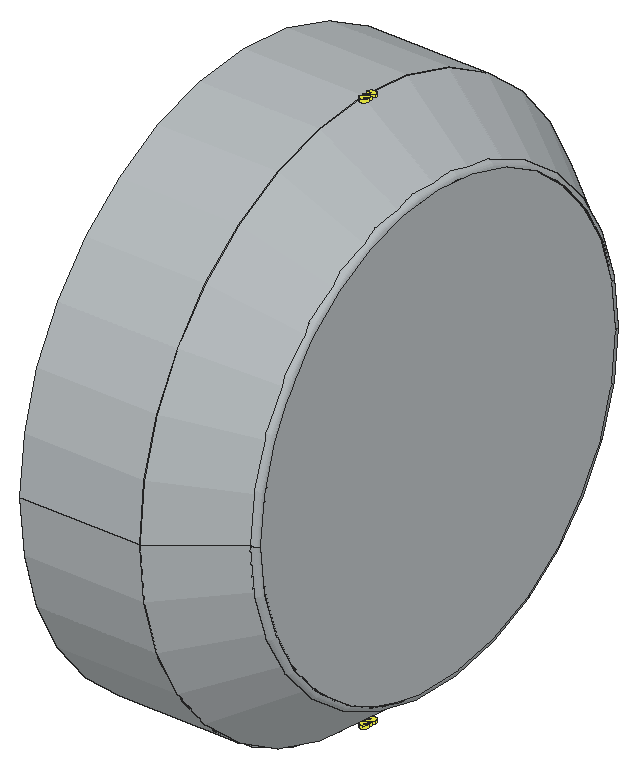
Revit family "NLRS_57_DUF_UN_round-reducer-for-fitting-centric_LT_velu", category Duct Fittings, Revit 2021
Family settings
  Round Connector Dimension = Use Diameter
  Part Type = Transition
  OmniClass Number = 23.75.70.14.14
  OmniClass Title = Couplings for Air Ductwork
  Work Plane-Based = No
  Always vertical = Yes
  Cut with Voids When Loaded = No
  Shared = No
Parameters (values of type "SDM/SDMK")
  VELU_c02_diameter [instance] = if(NLRS_M_c02_diameter < 40.00 mm, 40.00 mm, if(NLRS_M_c02_diameter > 1500.00 mm, 1500.00 mm, NLRS_M_c02_diameter))  # 200.00 mm
  VELU_c01_diameter [instance] = if(NLRS_M_c01_diameter < 40.00 mm, 40.00 mm, if(NLRS_M_c01_diameter > 1500.00 mm, 1500.00 mm, NLRS_M_c01_diameter))  # 250.00 mm
  VELU_Zoek_Dia2 [instance] = if(VELU_c01_diameter > VELU_c02_diameter, VELU_c02_diameter, VELU_c01_diameter)  # 200.00 mm
  VELU_Zoek_Dia1 [instance] = if(VELU_c01_diameter > VELU_c02_diameter, VELU_c01_diameter, VELU_c02_diameter)  # 250.00 mm
  VELU_Werkendelengte [instance] = if(VELU_Zoek_Dia1 = VELU_Zoek_Dia2, 100.00 mm, size_lookup(VELU_Article_Selector, "L1", ((VELU_Zoek_Dia1 - VELU_Zoek_Dia2) / 2) / tan(30.00°), VELU_Zoek_Dia1, VELU_Zoek_Dia2))  # 34.00 mm
  VELU_Verbindingslengte2 [instance] = size_lookup(VELU_Article_Selector, "Li2", 35.00 mm, VELU_Zoek_Dia1, VELU_Zoek_Dia2)  # 35.00 mm
  VELU_Verbindingslengte [instance] = size_lookup(VELU_Article_Selector, "Li1", 35.00 mm, VELU_Zoek_Dia1, VELU_Zoek_Dia2)  # 54.00 mm
  VELU_VH_Rechts [instance] = and(VELU_Koppelbus2, VELU_LR)  # no
  VELU_VH_Links [instance] = and(VELU_Koppelbus2, VELU_RL)  # no
  VELU_Show_IL2 [instance] = or(Plaats insteeklengten, and(VELU_Koppelbus2, VELU_Verbindingslengte2 - VELU_Koppelbus2_Li1 > 0.00 mm))  # no
  VELU_Safe [instance] = 1 = 1  # yes
  VELU_Reken_Lengte [instance] = VELU_Werkendelengte + VELU_Verbindingslengte  # 88.00 mm
  VELU_RL [instance] = not(VELU_LR)  # no
  VELU_Opmerking [instance] = if(VELU_Geldig_Artikel, " ", "Dit is geen standaard VELU artikel.")  # " "
  VELU_Offset2 [instance] = if(Plaats insteeklengten, VELU_Verbindingslengte2, if(VELU_Verbindingslengte2 - VELU_Koppelbus2_Li1 > 0.00 mm, VELU_Verbindingslengte2 - VELU_Koppelbus2_Li1, 0.00 mm)) + 1.00 mm  # 1.00 mm
  VELU_Model_Diameter3 [instance] = VELU_Zoek_Dia2 - 2.00 mm  # 198.00 mm
  VELU_Model_Diameter2 [instance] = if(VELU_LR, VELU_c02_diameter, VELU_c02_diameter + 2.00 mm)  # 200.00 mm
  VELU_Model_Diameter [instance] = if(VELU_LR, VELU_c01_diameter + 2.00 mm, VELU_c01_diameter)  # 252.00 mm
  VELU_Model [instance] = size_lookup(VELU_Article_Selector, "", "NB", VELU_Zoek_Dia1, VELU_Zoek_Dia2)  # "SDMK 250 200"
  VELU_Material [instance] = NLRS_57_sendzimir verzinkt_gen_sacs
  VELU_Logo_Z [instance] = VELU_c01_diameter + if(VELU_LR, 2.00 mm, VELU_Connector2_Ril)  # 252.00 mm
  VELU_LR [instance] = VELU_c01_diameter > VELU_c02_diameter  # yes
  VELU_Koppelbus2_Ril [instance] = size_lookup(VELU_Article_Data3, "Ril1", 6.00 mm, VELU_Zoek_Dia2)  # 8.00 mm
  VELU_Koppelbus2_Li1 [instance] = size_lookup(VELU_Article_Data3, "Li1", 47.00 mm, VELU_Zoek_Dia2)  # 37.00 mm
  VELU_Koppelbus2_Lengte [instance] = size_lookup(VELU_Article_Data3, "L1", 100.00 mm, VELU_Zoek_Dia2)  # 82.00 mm
  VELU_Koppelbus2 [instance] = no
  VELU_Gewicht [instance] = size_lookup(VELU_Article_Selector, "kg", 0, VELU_Zoek_Dia1, VELU_Zoek_Dia2) * 1.00 kg  # 0.43 kg
  VELU_Geldig_Artikel [instance] = not(size_lookup(VELU_Article_Selector, "Li1", 0.00 mm, VELU_Zoek_Dia1, VELU_Zoek_Dia2) = 0.00 mm)  # yes
  VELU_Dummy = 1  # constant formula
  VELU_Connector2_Ril [instance] = 5.00 mm  # constant formula
  VELU_Connector2_Pos [instance] = if(VELU_LR, if(VELU_Koppelbus2, if(VELU_Verbindingslengte2 > VELU_Koppelbus2_Li1, (VELU_Werkendelengte / 2) + VELU_Koppelbus2_Lengte + (VELU_Verbindingslengte2 - VELU_Koppelbus2_Li1), (VELU_Werkendelengte / 2) + VELU_Koppelbus2_Lengte), (VELU_Werkendelengte) / 2), (VELU_Werkendelengte) / 2 + VELU_Verbindingslengte)  # 17.00 mm
  VELU_Connector1_Pos [instance] = if(VELU_RL, if(VELU_Koppelbus2, if(VELU_Verbindingslengte2 > VELU_Koppelbus2_Li1, (VELU_Werkendelengte / 2) + VELU_Koppelbus2_Lengte + (VELU_Verbindingslengte2 - VELU_Koppelbus2_Li1), (VELU_Werkendelengte / 2) + VELU_Koppelbus2_Lengte), (VELU_Werkendelengte) / 2), (VELU_Werkendelengte) / 2 + VELU_Verbindingslengte)  # 71.00 mm
  VELU_Calculation_Parameter [instance] = if(VELU_LR, 5.00 mm, VELU_Werkendelengte - 5.00 mm)  # 5.00 mm
  VELU_Bim-site [instance] = "https://velu.nl/bim/"
  VELU_Artikel_code [instance] = size_lookup(VELU_Article_Selector, "artikelcode", "NB", VELU_Zoek_Dia1, VELU_Zoek_Dia2)  # "5050000185"
  VELU_Article_Selector [instance] = if(size_lookup(VELU_Article_Data2, "GP", 0.00 mm, VELU_Zoek_Dia1, VELU_Zoek_Dia2) = 1.00 mm, VELU_Article_Data2, VELU_Article_Data)  # "SDMK"
  VELU_Article_Data3 = "VH"  # constant formula
  VELU_Article_Data2 = "SDMK"  # constant formula
  VELU_Article_Data = "SDM"  # constant formula
  built-in parameter 1114242 [instance] = 1
  URL = "https://webshop.velu.nl/ronde-kanalen/#twn|?tn_cid=49-64"
  Type Image = <None>
  Type Comments = "Grootste maat is buismaat, niet gebruiken voor routing!"  # constant formula
  Plaats insteeklengten [instance] = no
  built-in parameter 1114211 [instance] = 0.0000 mm * VELU_Dummy  # (empty or 0)
  built-in parameter 1114212 [instance] = 0.0000 mm * VELU_Dummy  # (empty or 0)
  NLRS_M_c02_diameter [instance] = 200.00 mm
  NLRS_M_c01_diameter [instance] = 250.00 mm
  NLRS_C_model [instance] = VELU_Model  # "SDMK 250 200"
  NLRS_C_description = Description  # "Rond Verloop voor hulpstuk"
  NLRS_C_content_versie = "3.21.01"  # constant formula
  NLRS_C_content_provider = "Velu Klimaattechnische groothandel"  # constant formula
  NLRS_C_content_datum_gewijzigd = "30-11-2023"  # constant formula
  NLRS_C_content_creator = "J. Feeke"  # constant formula
  NLRS_C_bestemming = "Ventilatiesystemen"  # constant formula
  Model = "Velu Verloop voor hulpstuk"  # constant formula
  Manufacturer = "Velu Klimaattechnische groothandel"  # constant formula
  IfcExportType = "TRANSITION"  # constant formula
  IfcExportAs = "IfcDuctFittingType"  # constant formula
  IfcDescription = Description  # "Rond Verloop voor hulpstuk"
  Description = "Rond Verloop voor hulpstuk"  # constant formula
  Default Elevation = 0.00 mm
  Assembly Code = "57.00"
Reference planes
  plane 1 "Center (Front/Back)": y = 0
  plane 2: z = 0
  plane 3 "Center (Left/Right)": x = 0
  plane 4 "Left": x = -17
  plane 5: x = 17
  plane 6: x = -71
  plane 7: x = 17
  plane 8: z = 126
  plane 9: z = -126
  plane 10: x = 17
  plane 11: x = 16
  plane 12: x = -17
  plane 13: x = -16
Forms (mm)
  Blend 1, solid, material "NLRS_57_sendzimir verzinkt_gen_sacs" <- "VELU_Material", detail levels medium+fine
    base sketch origin (0, 0, 0) x (0, 1, 0) y (0, 0, 1)
      loop
        circle (0, 0) r 126
    top sketch origin (0, 0, 0) x (0, 1, 0) y (0, 0, 1)
      loop
        circle (0, 0) r 100
    from -17 to 17
  Sweep 2, solid, material "NLRS_57_sendzimir verzinkt_gen_sacs" <- "VELU_Material", visible <- "VELU_LR", detail levels medium+fine
    path in 3D
      loop
        arc (17, 100, 0) -> (17, 0, -100) -> (17, -100, 0) r 100
        arc (17, -100, 0) -> (17, 0, 100) -> (17, 100, 0) r 100
    profile "Insertion_Profile_rubber : Insertion_Profile" origin (17, 0, 100) x (0, 0, 1) y (1, 0, 0)
      loop
        line (0, 0) -> (0, -5)
        arc (0, -5) -> (2.5, -2.5) -> (0, 0) r 2.5
  Sweep 3, solid, material "NLRS_57_sendzimir verzinkt_gen_sacs" <- "VELU_Material", visible <- "VELU_RL", detail levels medium+fine
    path in 3D
      loop
        arc (-17, -126, 0) -> (-17, 0, -126) -> (-17, 126, 0) r 126
        arc (-17, 126, 0) -> (-17, 0, 126) -> (-17, -126, 0) r 126
    profile "Insertion_Profile_rubber : Insertion_Profile" origin (-17, 0, 126) x (0, 0, 1) y (-1, 0, 0)
      loop
        line (0, 0) -> (0, -5)
        arc (0, -5) -> (2.5, -2.5) -> (0, 0) r 2.5
  Extrusion 4, solid, material "NLRS_57_sendzimir verzinkt_gen_sacs" <- "VELU_Material", visible <- "VELU_LR", detail levels medium+fine
    sketch origin (-17, 0, 0) x (0, 1, 0) y (0, 0, 1)
      loop
        circle (0, 0) r 100
    from 33 to 34
  Extrusion 5, solid, material "NLRS_57_sendzimir verzinkt_gen_sacs" <- "VELU_Material", visible <- "VELU_RL", detail levels medium+fine
    sketch origin (-17, 0, 0) x (0, 1, 0) y (0, 0, 1)
      loop
        circle (0, 0) r 100
    from 0 to 1
  Extrusion 6, solid, material "NLRS_57_sendzimir verzinkt_gen_sacs" <- "VELU_Material", visible <- "VELU_LR", detail levels medium+fine
    sketch origin (-17, 0, 0) x (0, 1, 0) y (0, 0, 1)
      loop
        circle (0, 0) r 126
    from 0 to -54
  Extrusion 7, solid, material "NLRS_57_sendzimir verzinkt_gen_sacs" <- "VELU_Material", visible <- "VELU_RL", detail levels medium+fine
    sketch origin (-17, 0, 0) x (0, 1, 0) y (0, 0, 1)
      loop
        circle (0, 0) r 100
    from 34 to 88
Lines and regions (mm)
  reference lines
    curve 1: line (-71, 0, 0) -> (17, 0, 0)
  sketch lines
    curve 2: arc (17, -100, 0) -> (17, 0, 100) -> (17, 100, 0) r 100
    curve 3: arc (17, 100, 0) -> (17, 0, -100) -> (17, -100, 0) r 100
    curve 4: arc (-17, 126, 0) -> (-17, 0, 126) -> (-17, -126, 0) r 126
    curve 5: arc (-17, -126, 0) -> (-17, 0, -126) -> (-17, 126, 0) r 126
  model lines, style "DuctFittingCenterLine", detail levels coarse
    curve 6: line (-71, 0, 0) -> (17, 0, 0)
Dimensions and locks
  "VELU_Connector1_Pos": plane 6 to plane 3 "Center (Left/Right)"
  "VELU_Connector2_Pos": plane 3 "Center (Left/Right)" to plane 7
  equal spacing: plane 4 "Left", plane 3 "Center (Left/Right)", plane 5
  "VELU_Werkendelengte": plane 4 "Left" to plane 5
  equal spacing: plane 8, level, plane 9
  "VELU_Logo_Z": plane 8 to plane 9
  "VELU_Offset2": plane 11 to plane 10
  "VELU_Offset2": plane 12 to plane 13
  locked: plane 11 to plane 5 at 1
  locked: plane 4 "Left" to plane 13 at 1
  "VELU_Verbindingslengte": Extrusion 6 to plane 4 "Left"
  "VELU_Verbindingslengte": plane 5 to Extrusion 7
  locked: plane 12 to nested 3 at 2
  locked: plane 12 to nested 4 at 2
  "VELU_Model_Diameter": diameter of Blend 1 sketch curve
  "VELU_Model_Diameter2": diameter of Blend 1 sketch curve
  "VELU_Zoek_Dia2": diameter of Extrusion 4 sketch curve
  "VELU_Zoek_Dia2": diameter of Extrusion 5 sketch curve
  "VELU_Model_Diameter": diameter of Extrusion 6 sketch curve
  "VELU_Model_Diameter2": diameter of Extrusion 7 sketch curve
  aligned and locked: level to plane 2
  aligned and locked: plane 6 to curve 1
  aligned and locked: plane 7 to curve 1
  aligned and locked: plane 1 "Center (Front/Back)" to curve 1
  aligned and locked: plane 1 "Center (Front/Back)" to nested 1
  aligned and locked: Blend 1 to plane 4 "Left"
  aligned and locked: plane 5 to Blend 1
  aligned and locked: nested 2 to plane 1 "Center (Front/Back)"
  aligned and locked: plane 1 "Center (Front/Back)" to nested 3
  aligned and locked: nested 3 to plane 8
  aligned and locked: plane 9 to nested 4
  aligned and locked: plane 6 to curve 6
  aligned and locked: plane 7 to curve 6
  aligned and locked: plane 1 "Center (Front/Back)" to curve 6
  aligned and locked: Extrusion 4 to plane 11
  aligned and locked: plane 10 to Extrusion 4
  aligned and locked: plane 13 to Extrusion 5
  aligned and locked: Extrusion 5 to plane 12
  aligned and locked: plane 6 to nested 2
  aligned and locked: nested 1 to plane 7
  aligned and locked: nested 2 to plane 6
  aligned and locked: plane 4 "Left" to Extrusion 6
  aligned and locked: Extrusion 7 to plane 5
Automatic sketch dimensions
  Blend 1 sketch curve to level = 0.00 mm  (x2)
  Blend 1 sketch curve to plane 1 "Center (Front/Back)" = 0.00 mm  (x2)
  Extrusion 4 sketch curve to level = 0.00 mm
  Extrusion 4 sketch curve to plane 1 "Center (Front/Back)" = 0.00 mm
  Extrusion 5 sketch curve to level = 0.00 mm
  Extrusion 5 sketch curve to plane 1 "Center (Front/Back)" = 0.00 mm
  Extrusion 6 sketch curve to level = 0.00 mm
  Extrusion 6 sketch curve to plane 1 "Center (Front/Back)" = 0.00 mm
  Extrusion 7 sketch curve to level = 0.00 mm
  Extrusion 7 sketch curve to plane 1 "Center (Front/Back)" = 0.00 mm
Nested families
  nested 1: "NLRS_57_DUF_UN_round-coupling_LT_velu" at (-65, 0, 0), visible <- "VELU_VH_Rechts", NLRS_M_c01_diameter <- "VELU_Zoek_Dia2", VELU_Material <- "VELU_Material", type "VH", detail levels medium+fine
    with VELU_c01_diameter 200.00 mm, VELU_Werkendelengte 82.00 mm, VELU_Verbindingslengte 37.00 mm, VELU_Reken_Lengte 82.00 mm, VELU_Opmerking " ", VELU_Offset1 41.00 mm, VELU_Model_Radius2 4.00 mm, VELU_Model_Radius 101.00 mm, VELU_Model "VH 200", VELU_Material NLRS_57_sendzimir verzinkt_gen_sacs, VELU_Gewicht 0.21 kg, VELU_Geldig_Artikel yes, VELU_Connector_Ril 8.00 mm, VELU_Bim-site "https://velu.nl/bim/", VELU_Artikel_code "5060000628", NLRS_M_c01_diameter 200.00 mm, NLRS_C_model "VH 200"
  nested 2: "NLRS_57_DUF_UN_round-coupling_LT_velu" at (-71, 0, 0), visible <- "VELU_VH_Links", NLRS_M_c01_diameter <- "VELU_Zoek_Dia2", VELU_Material <- "VELU_Material", type "VH"
    with VELU_c01_diameter 200.00 mm, VELU_Werkendelengte 82.00 mm, VELU_Verbindingslengte 37.00 mm, VELU_Reken_Lengte 82.00 mm, VELU_Opmerking " ", VELU_Offset1 41.00 mm, VELU_Model_Radius2 4.00 mm, VELU_Model_Radius 101.00 mm, VELU_Model "VH 200", VELU_Material NLRS_57_sendzimir verzinkt_gen_sacs, VELU_Gewicht 0.21 kg, VELU_Geldig_Artikel yes, VELU_Connector_Ril 8.00 mm, VELU_Bim-site "https://velu.nl/bim/", VELU_Artikel_code "5060000628", NLRS_M_c01_diameter 200.00 mm, NLRS_C_model "VH 200"
  nested 3: "logo_velu" at (-15, 0, 126) x (0, -1, 0) z (0, 0, 1), type "logo_velu", detail levels medium+fine
    with t 2.00 mm
  nested 4: "logo_velu" at (-15, 0, -127) x (0, -1, 0) z (0, 0, 1), type "logo_velu", detail levels medium+fine
    with t 2.00 mm
Connectors
  hvac at (-71, 0, 0), driven by "NLRS_M_c01_diameter"
    settings: on curve 1, index 1, duct flow 0.0 L/s, flow factor 0, pres drop 0.0 Pa, loss coef 0, conn angle 0.00°, conn width 304.8 mm, conn height 304.8 mm, conn diameter 250 mm, duct sys type 28, conn prof type 0, flow config 0, flow direction 0, loss method 0, conn ref index -1, conn util no, is conn primary yes, conn desc ""
  hvac at (17, 0, 0), driven by "NLRS_M_c02_diameter"
    settings: on curve 1, index 2, duct flow 0.0 L/s, flow factor 0, pres drop 0.0 Pa, loss coef 0, conn angle 0.00°, conn width 304.8 mm, conn height 304.8 mm, conn diameter 200 mm, duct sys type 28, conn prof type 0, flow config 0, flow direction 0, loss method 0, conn ref index -1, conn util no, is conn primary no, conn desc ""
Definition of nested family "NLRS_57_DUF_UN_round-coupling_LT_velu"
  Parameters (values of type "VH")
    VELU_c01_diameter [instance] = if(NLRS_M_c01_diameter < 40.00 mm, 40.00 mm, if(NLRS_M_c01_diameter > 1500.00 mm, 1500.00 mm, NLRS_M_c01_diameter))  # 100.00 mm
    VELU_Werkendelengte [instance] = size_lookup(VELU_Article_Data, "L1", 96.00 mm, VELU_c01_diameter)  # 82.00 mm
    VELU_Verbindingslengte [instance] = size_lookup(VELU_Article_Data, "Li1", 44.00 mm, VELU_c01_diameter)  # 37.00 mm
    VELU_Reken_Lengte [instance] = VELU_Werkendelengte  # 82.00 mm
    VELU_Opmerking [instance] = if(VELU_Geldig_Artikel, " ", "Dit is geen standaard VELU artikel.")  # " "
    VELU_Offset1 [instance] = VELU_Verbindingslengte + VELU_Connector_Ril / 2  # 41.00 mm
    VELU_Model_Radius2 [instance] = VELU_Connector_Ril / 2  # 4.00 mm
    VELU_Model_Radius [instance] = (VELU_c01_diameter / 2) + 1.00 mm  # 51.00 mm
    VELU_Model [instance] = size_lookup(VELU_Article_Data, "", "NB", VELU_c01_diameter)  # "VH 100"
    VELU_Material [instance] = none
    VELU_Gewicht [instance] = size_lookup(VELU_Article_Data, "kg", 0, VELU_c01_diameter) * 1.00 kg  # 0.11 kg
    VELU_Geldig_Artikel [instance] = not(size_lookup(VELU_Article_Data, "L1", 0.00 mm, VELU_c01_diameter) = 0.00 mm)  # yes
    VELU_Connector_Ril [instance] = size_lookup(VELU_Article_Data, "Ril1", 8.00 mm, VELU_c01_diameter)  # 8.00 mm
    VELU_Bim-site [instance] = "https://velu.nl/bim/"
    VELU_Artikel_code [instance] = size_lookup(VELU_Article_Data, "artikelcode", "NB", VELU_c01_diameter)  # "5060000623"
    VELU_Article_Data = "VH"  # constant formula
    URL = "http:\\\\www.bimvoorfabrikanten.nl/pdfluka/ISR_Luka_rond_koppelstuk.pdf"
    Type Comments = "Shared model voor Velu fittings"  # constant formula
    NLRS_M_c01_diameter [instance] = 100.00 mm
    NLRS_C_model [instance] = VELU_Model  # "VH 100"
    NLRS_C_description = Description  # "Rond - koppelstuk tbv hulpstukken"
    NLRS_C_content_versie = "3.21.01"  # constant formula
    NLRS_C_content_provider = "Velu Klimaattechnische groothandel"  # constant formula
    NLRS_C_content_datum_gewijzigd = "28-11-2023"  # constant formula
    NLRS_C_content_creator = "J. Feeke"  # constant formula
    NLRS_C_bestemming = "Ventilatiesystemen"  # constant formula
    Model = "Velu Koppelstuk"  # constant formula
    Manufacturer = "Velu Klimaattechnische groothandel"  # constant formula
    IfcExportType = "CONNECTOR"  # constant formula
    IfcExportAs = "IfcDuctFittingType"  # constant formula
    IfcDescription = Description  # "Rond - koppelstuk tbv hulpstukken"
    Description = "Rond - koppelstuk tbv hulpstukken"  # constant formula
    Default Elevation = 0.00 mm
    Assembly Code = "57.5"
  Reference planes
    plane 1 "Center (Front/Back)": y = 0
    plane 2: z = 0
    plane 3 "Center (Left/Right)": x = 0
    plane 4 "Center_VH": x = 41
    plane 5: x = 82
    plane 6: y = 51
  Forms (mm)
    Revolve 1, solid, material <- "VELU_Material", detail levels medium+fine
      sketch origin (0, 0, 0) x (1, 0, 0) y (0, 1, 0)
        loop
          line (0, 0) -> (82, 0) -> (82, 51) -> (45, 51)
          arc (45, 51) -> (41, 47) -> (37, 51) r 4
          line (37, 51) -> (0, 51) -> (0, 0)
        axis (82, 0) -> (0, 0)
      angle from 0 to 360
  Lines and regions (mm)
    model lines, detail levels coarse
      curve 1: line (0, 0, 0) -> (82, 0, 0)
  Dimensions and locks
    equal spacing: plane 3 "Center (Left/Right)", plane 4 "Center_VH", plane 5
    "VELU_Offset1": plane 3 "Center (Left/Right)" to plane 4 "Center_VH"
    "VELU_Model_Radius": plane 6 to plane 1 "Center (Front/Back)"
    Revolve 1 sketch curve to Revolve 1 sketch curve = 0.00 mm
    "VELU_Model_Radius2": radius of Revolve 1 sketch curve
    aligned and locked: level to plane 2
    aligned and locked: plane 3 "Center (Left/Right)" to curve 1
    aligned and locked: plane 5 to curve 1
    aligned and locked: plane 1 "Center (Front/Back)" to curve 1
  Automatic sketch dimensions
    Revolve 1 sketch curve to plane 1 "Center (Front/Back)" = 0.00 mm
    Revolve 1 sketch curve to plane 3 "Center (Left/Right)" = 0.00 mm
    Revolve 1 sketch curve to plane 6 = 0.00 mm
    Revolve 1 sketch curve to plane 4 "Center_VH" = 0.00 mm
    plane 1 "Center (Front/Back)" to Revolve 1 sketch curve = 0.00 mm
    Revolve 1 sketch curve to plane 5 = 0.00 mm
    Revolve 1 sketch curve to plane 3 "Center (Left/Right)" = 2000.00 mm
    Revolve 1 sketch curve to Revolve 1 sketch curve = 1918.00 mm
Definition of nested family "logo_velu"
  Parameters (values of type "logo_velu")
    t = 5.00 mm
    Model = "LOD 400"
    Description = "Model type"
    Default Elevation = 1219.20 mm
  Reference planes
    plane 1 "Center (Front/Back)": y = 0
    plane 2: z = 0
    plane 3 "Center (Left/Right)": x = 0
    plane 4: z = 1
    plane 5: x = -10
    plane 6: y = -5
    plane 7: y = 5
    plane 8: x = -5
    plane 9: x = 5
    plane 10: x = 10
  Forms (mm)
    Extrusion 1, solid, detail levels medium+fine
      sketch origin (-547.644, -297.937, 0) x (1, 0, 0) y (0, 1, 0)
        loop
          arc (542.644, 302.937) -> (537.644, 297.937) -> (542.644, 292.937) r 5
          line (542.644, 292.937) -> (542.644, 297.937) -> (547.644, 292.937) -> (547.644, 297.937) -> (542.644, 302.937)
      from 0 to 1
    Extrusion 2, solid, detail levels medium+fine
      sketch origin (0, 0, 0) x (1, 0, 0) y (0, 1, 0)
        loop
          arc (5, -5) -> (10, 0) -> (5, 5) r 5
          line (5, 5) -> (5, 0) -> (0, 5) -> (0, 0) -> (5, -5)
      from 0 to 1
  Dimensions and locks
    "t": plane 7 to plane 1 "Center (Front/Back)"
    "t": plane 6 to plane 1 "Center (Front/Back)"
    "t": plane 5 to plane 8
    "t": plane 8 to plane 3 "Center (Left/Right)"
    "t": plane 3 "Center (Left/Right)" to plane 9
    "t": plane 9 to plane 10
    aligned and locked: level to plane 2
    aligned and locked: plane 4 to Extrusion 1
    aligned and locked: plane 4 to Extrusion 2
  Automatic sketch dimensions
    plane 1 "Center (Front/Back)" to Extrusion 1 sketch curve = 0.00 mm  (x3)
    Extrusion 1 sketch curve to plane 8 = 0.00 mm
    Extrusion 1 sketch curve to plane 7 = 0.00 mm
    Extrusion 1 sketch curve to plane 3 "Center (Left/Right)" = 0.00 mm
    Extrusion 1 sketch curve to plane 6 = 0.00 mm
    Extrusion 2 sketch curve to plane 3 "Center (Left/Right)" = 0.00 mm
    plane 1 "Center (Front/Back)" to Extrusion 2 sketch curve = 0.00 mm  (x3)
    Extrusion 2 sketch curve to plane 6 = 0.00 mm
    Extrusion 2 sketch curve to plane 9 = 0.00 mm
    Extrusion 2 sketch curve to plane 7 = 0.00 mm
